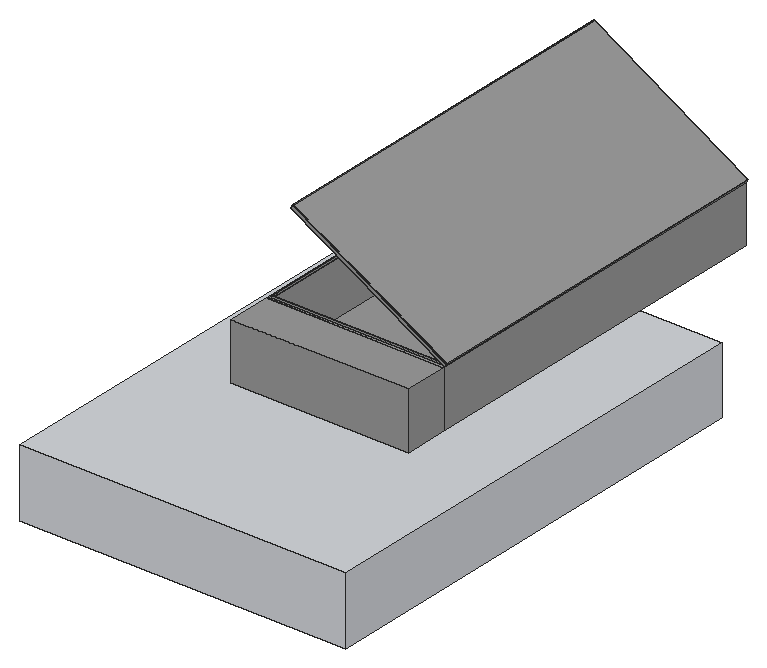
Revit family "Hager-Univers-IP55-D275-H1900-Cl.II-Steel_encl-DE-de", category Equipement électrique, Revit 2020
Family settings
  Hôte = Face
  Configuration du panneau = Deux colonnes, circuits au sein
  Cote de connecteur circulaire = Utiliser le diamètre
  Type d'élément = Tableau de raccordement
  Couper avec des vides une fois chargée = Non
  Partagée = Non
  Point de calcul de pièce = Non
Parameters (values of type "Bodenaufstellung IP55 B800 H1900 T275  - FR13S2")
  Width Control [instance] = if([EF000008 - Breite] > Min Width, [EF000008 - Breite], Min Width)  # 800 mm
  Commentaires du type = [HG000003 - Bereich]  # "Univers"
  Thickness Door [instance] = if([EF009171 - Materialstärke Tür/Deckel] > 3 mm, 3 mm, [EF009171 - Materialstärke Tür/Deckel])  # 1.5 mm
  Seal Frame Offset [instance] = 17 mm  # constant formula
  Plinth Visibility [instance] = [HG000027 - Sockelhöhe] > 0 mm  # yes
  Model = ""
  Min Width [instance] = 100 mm  # constant formula
  Min Height [instance] = 100 mm  # constant formula
  Min Depth [instance] = (2 * [EF009170 - Materialstärke Gehäuse]) + 1 mm  # 4 mm
  Internal Frame Depth [instance] = (Door System Depth * 0.5)  # 9 mm
  Height Control [instance] = if([EF000040 - Höhe] > Min Height, [EF000040 - Höhe], Min Height)  # 1900 mm
  HG000027 - Sockelhöhe = 200 mm
  HG000026 - Stehend auf dem Boden = yes
  HG000024 - Höhe des unteren Teils = 800 mm
  HG000023 - Gehäuse mit doppeltem Querschnitt = no
  HG000016 - 3D-Türsichtbarkeit [instance] = yes
  HG000015 - Sichtbarkeit der Türöffnung [instance] = no
  HG000014 - Tür rechts [instance] = yes
  HG000013 - Tür links [instance] = not([HG000014 - Tür rechts])  # no
  HG000012 - Türschwenkwinkel [instance] = 30.00°
  HG000010 - Asymmetrische Türen = no
  HG000009 - Doppelflügeligen Tür = no
  HG000006 - Unterputz = no
  HG000004 - Herstellerreferenz = "FR13S2"
  HG000003 - Bereich = "Univers"
  HG000002 - Mit tür = yes
  Frame Offset Bottom [instance] = 10 mm  # constant formula
  Frame Offset [instance] = 15 mm  # constant formula
  EF015940 - Deckel mit Überdruckentlastung = no
  EF011959 - Schutzart (NEMA) = ""
  EF009554 - Anzahl der Öffnungen für Flanschplatten = 6
  Fabricant = "Hager"  # constant formula
  EF009212 - Ausführung Deckel = "EV000116 - geschlossen"
  EF009171 - Materialstärke Tür/Deckel = 1.5 mm
  EF009170 - Materialstärke Gehäuse = 1.5 mm
  EF008873 - Nennstrom (In) = 800 A
  EF007800 - Geeignet für Blitzschutz = no
  EF006306 - Mit Schloss = no
  EF006244 - Transparenter Deckel/Tür = no
  EF005474 - Schutzart (IP) = "EV006420 - IP55"
  EF004464 - Art der Tür = "EV002646 - Einzel"
  EF004427 - Anzahl der Module = 396
  EF004293 - Schlagfestigkeit = "EV008784 - IK10"
  EF003532 - Geeignet für Außengebrauch = no
  EF002950 - Breite in Teilungseinheiten = 24
  EF001613 - Funktionserhalt = "EV000494 - ohne"
  EF001596 - Werkstoff des Gehäuses = "EV000179 - Stahl"
  EF001131 - Innentiefe = 275 mm
  EF001088 - Anbaumöglichkeit = yes
  EF000437 - Anzahl der Leitungseinführungen = 6
  EF000339 - Art der Abdeckung = "EV004216 - Tür"
  EF000266 - Anzahl der Reihen = 11
  EF000218 - Einbautiefe = 0 mm
  EF000118 - Mit Montageplatte = no
  EF000116 - RAL-Nummer = "7035"
  EF000049 - Tiefe = 275 mm
  EF000040 - Höhe = 1900 mm
  EF000008 - Breite = 800 mm
  EF000007 - Farbe = "EV000270 - grau"
  EF000003 - Montageart = "EV012274 - Bodenaufstellung"
  Door System Leaf Tolerance [instance] = 1.5 mm  # constant formula
  Door System Depth [instance] = 18 mm  # constant formula
  Door Height [instance] = Height Control - [HG000027 - Sockelhöhe]  # 1700 mm
  Depth Control [instance] = if([EF000049 - Tiefe] > Min Depth, [EF000049 - Tiefe], Min Depth)  # 275 mm
  Default Elevation = 0 mm
  Connector Offset [instance] = Height Control / 2  # 950 mm
  Bottom Top Plate Trim [instance] = 1.5 mm  # constant formula
  Plinth height Ctrl [instance] = if([HG000027 - Sockelhöhe] > 0 mm, [HG000027 - Sockelhöhe], 12 mm)  # 200 mm
Types (5, lengths in mm): name | Width Control | HG000010 - Asymmetrische Türen | HG000009 - Doppelflügeligen Tür | HG000004 - Herstellerreferenz | EF009554 - Anzahl der Öffnungen für Flanschplatten | EF004464 - Art der Tür | EF004427 - Anzahl der Module | EF000437 - Anzahl der Leitungseinführungen | EF000008 - Breite
  Bodenaufstellung IP55 B1050 H1900 T275  - FR14S2 | 1050 | yes | yes | "FR14S2" | 8 | "EV003602 - Doppel" | 528 | 8 | 1050
  Bodenaufstellung IP55 B1300 H1900 T275  - FR15S2 | 1300 | yes | yes | "FR15S2" | 10 | "EV003602 - Doppel" | 660 | 10 | 1300
  Bodenaufstellung IP55 B300 H1900 T275  - FR11S2 | 300 | no | no | "FR11S2" | 2 | "EV002646 - Einzel" | 132 | 2 | 300
  Bodenaufstellung IP55 B550 H1900 T275  - FR12S2 | 550 | no | no | "FR12S2" | 4 | "EV002646 - Einzel" | 264 | 4 | 550
  Bodenaufstellung IP55 B800 H1900 T275  - FR13S2 | 800 | no | no | "FR13S2" | 6 | "EV002646 - Einzel" | 396 | 6 | 800
Reference planes
  plane 1 "Center (Front/Back)": y = 0
  plane 2: z = 0
  plane 3 "Center (Left/Right)": x = 0
  plane 4: z = 275
  plane 5: y = 201.5
  plane 6: y = 1050
  plane 7: y = 200
  plane 8: y = 1900
  plane 9: z = 0
  plane 10: x = -385
  plane 11: x = 385
  plane 12: x = 383.5
  plane 13: x = -383.5
  plane 14: y = 1898.5
  plane 15: x = -383
  plane 16: x = -400
  plane 17: x = 383
  plane 18: x = 400
  plane 19: x = 398.5
  plane 20: x = -398.5
  plane 21: y = 211.5
  plane 22: y = 1900
  plane 23: y = 1883.5
  plane 24: z = 257
  plane 25: z = 1.5
  plane 26: z = 255.5
  plane 27: z = 273.5
Forms (mm)
  Extrusion 1, solid
    sketch origin (0, 0, 0) x (1, 0, 0) y (0, 1, 0)
      loop
        line (-702.964, 1305) -> (-702.964, -811.445) -> (766.763, -811.445) -> (766.763, 1305) -> (-702.964, 1305)
    from 0 to -304.8
  Extrusion 2, solid, material "Hager_Steel_RAL7035_Light_Grey", visible <- "Plinth Visibility", detail levels medium+fine
    sketch origin (0, 0, 0) x (1, 0, 0) y (0, 1, 0)
      loop
        line (-400, 0) -> (400, 0) -> (400, 200) -> (-400, 200) -> (-400, 0)
    from 0 to 257
  Extrusion 3, solid, material "Hager_Steel_RAL7035_Light_Grey", detail levels medium+fine
    sketch origin (0, 0, 0) x (1, 0, 0) y (0, 1, 0)
      loop
        line (-400, 200) -> (400, 200) -> (400, 1900) -> (-400, 1900) -> (-400, 200)
    from 0 to 257
  Extrusion 4, void
    sketch origin (0, 0, 0) x (1, 0, 0) y (0, 1, 0)
      loop
        line (-398.5, 201.5) -> (398.5, 201.5) -> (398.5, 1898.5) -> (-398.5, 1898.5) -> (-398.5, 201.5)
    from 1.5 to 255.5
  Extrusion 5, void
    sketch origin (-381.607, -4572, 257) x (0, -1, 0) y (-1, 0, 0)
      loop
        line (-4783.5, 1.893) -> (-6455.5, 1.893) -> (-6455.5, -765.107) -> (-4783.5, -765.107) -> (-4783.5, 1.893)
    from 0 to 1.5 <- "EF009170 - Materialstärke Gehäuse"
  Extrusion 6, solid, material "Hager_Steel_RAL7035_Light_Grey", detail levels fine
    sketch origin (0, 0, 257) x (1, 0, 0) y (0, 1, 0)
      loop
        line (-383.5, 1883.5) -> (-383.5, 211.5) -> (383.5, 211.5) -> (383.5, 1883.5) -> (-383.5, 1883.5)
      loop
        line (-385, 210) -> (385, 210) -> (385, 1885) -> (-385, 1885) -> (-385, 210)
    from 0 to 9 <- "Internal Frame Depth"
  Extrusion 7, solid, material "Hager_Steel_RAL7035_Light_Grey", detail levels coarse
    sketch origin (0, 0, 0) x (1, 0, 0) y (0, 1, 0)
      loop
        line (-400, 0) -> (400, 0) -> (400, 1900) -> (-400, 1900) -> (-400, 0)
    from 0 to 275
  Sweep 8, void
    path in 3D
      loop
        line (-400, 200, 0) -> (400, 200, 0) -> (400, 200, 257) -> (-400, 200, 257) -> (-400, 200, 0)
    profile origin (-400, 200, 128.5) x (-1, 0, 0) y (0, -1, 0)
      loop
        line (0, 0) -> (0, 1.5) -> (-1.5, 1.5)
        arc (-1.5, 1.5) -> (-1.061, 0.439) -> (0, 0) r 1.5
Cuts and joins
  Extrusion 4, Extrusion 5 cuts Extrusion 3
  Sweep 8 cuts Extrusion 2
Lines and regions (mm)
  Masking region 1
    outline origin (0, 0, 0) x (1, 0, 0) y (0, 0, 1)
      loop
        line (-400, 275) -> (-400, 0) -> (400, 0) -> (400, 275) -> (-400, 275)
  Masking region 2, detail levels medium+fine
    outline origin (0, 140, 0) x (0, 1, 0) y (0, 0, 1)
      loop
        line (60, 0) -> (1760, 0) -> (1760, 257) -> (60, 257) -> (60, 0)
  Masking region 3, not visible, detail levels medium+fine
    outline origin (0, 297.922, 0) x (0, 1, 0) y (0, 0, 1)
      loop
        line (763.578, 0) -> (803.578, 0) -> (803.578, 263.5)
        arc (803.578, 263.5) -> (800.649, 270.571) -> (793.578, 273.5) r 10
        line (793.578, 273.5) -> (763.578, 273.5) -> (763.578, 0)
  Masking region 4, detail levels coarse
    outline origin (0, 0, 180) x (0, 1, 0) y (0, 0, 1)
      loop
        line (0, -180) -> (1900, -180) -> (1900, 95) -> (0, 95) -> (0, -180)
  Masking region 5, visible <- "Plinth Visibility", detail levels medium+fine
    outline origin (0, 52.24, 12.345) x (0, 0, -1) y (0, 1, 0)
      loop
        line (10.845, 147.76) -> (-243.155, 147.76)
        arc (-243.155, 147.76) -> (-243.594, 146.699) -> (-244.655, 146.26) r 1.5
        line (-244.655, 146.26) -> (-244.655, -52.24) -> (12.345, -52.24) -> (12.345, 146.26)
        arc (12.345, 146.26) -> (11.285, 146.699) -> (10.845, 147.76) r 1.5
  Masking region 6, detail levels medium+fine
    outline origin (-381.607, -4572, 257) x (-1, 0, 0) y (0, -1, 0)
      loop
        line (18.393, -6472) -> (18.393, -4772) -> (-781.607, -4772) -> (-781.607, -6472) -> (18.393, -6472)
  Masking region 7, visible <- "Plinth Visibility", detail levels medium+fine
    outline origin (-381.607, -4727, 257) x (-1, 0, 0) y (0, -1, 0)
      loop
        arc (16.893, -4927) -> (17.332, -4925.939) -> (18.393, -4925.5) r 1.5
        line (18.393, -4925.5) -> (18.393, -4727) -> (-781.607, -4727) -> (-781.607, -4925.5)
        arc (-781.607, -4925.5) -> (-780.546, -4925.939) -> (-780.107, -4927) r 1.5
        line (-780.107, -4927) -> (16.893, -4927)
  Masking region 8, detail levels coarse
    outline origin (-442.548, -4669.526, 257) x (-1, 0, 0) y (0, -1, 0)
      loop
        line (-42.548, -6569.526) -> (-42.548, -4669.526) -> (-842.548, -4669.526) -> (-842.548, -6569.526) -> (-42.548, -6569.526)
  sketch lines
    curve 1: line (-400, 200, 257) -> (-400, 200, 0)
    curve 2: line (400, 200, 257) -> (-400, 200, 257)
    curve 3: line (400, 200, 257) -> (400, 200, 0)
    curve 4: line (-400, 200, 0) -> (400, 200, 0)
Dimensions and locks
  "Depth Control": plane 4 to Extrusion 1
  "HG000027 - Sockelhöhe": plane 1 "Center (Front/Back)" to plane 7
  "EF009170 - Materialstärke Gehäuse": plane 5 to plane 7
  locked: connector elem to plane 3 "Center (Left/Right)"
  equal spacing: plane 8, plane 6, plane 7
  locked: connector elem to plane 6
  "EF009170 - Materialstärke Gehäuse": plane 8 to plane 14
  "EF009170 - Materialstärke Gehäuse": plane 10 to plane 13
  "EF009170 - Materialstärke Gehäuse": plane 12 to plane 11
  "Frame Offset": plane 20 to plane 13
  "Frame Offset": plane 12 to plane 19
  "EF009170 - Materialstärke Gehäuse": plane 16 to plane 20
  "EF009170 - Materialstärke Gehäuse": plane 19 to plane 18
  "Seal Frame Offset": plane 16 to plane 15
  "Seal Frame Offset": plane 17 to plane 18
  "Frame Offset Bottom": plane 21 to plane 5
  "Frame Offset": plane 14 to plane 23
  equal spacing: plane 16, plane 3 "Center (Left/Right)", plane 18
  "Width Control": plane 16 to plane 18
  "EF009170 - Materialstärke Gehäuse": plane 4 to plane 27
  "EF009170 - Materialstärke Gehäuse": plane 24 to plane 26
  "EF009170 - Materialstärke Gehäuse": plane 25 to level
  "Door System Depth": plane 4 to plane 24
  "Height Control": plane 1 "Center (Front/Back)" to Extrusion 7 sketch curve
  "Height Control": Masking region 4 sketch curve to plane 1 "Center (Front/Back)"
  "Height Control": plane 1 "Center (Front/Back)" to plane 22
  "Bottom Top Plate Trim": profile plane to Sweep 8 sketch curve
  "Bottom Top Plate Trim": Sweep 8 sketch curve to profile plane
  "Plinth height Ctrl": plane 1 "Center (Front/Back)" to Extrusion 2 sketch curve
  "Plinth height Ctrl": Masking region 5 sketch curve to plane 1 "Center (Front/Back)"
  "Plinth height Ctrl": plane 1 "Center (Front/Back)" to Masking region 7 sketch curve
  "Thickness Door": Extrusion 6 sketch curve to Extrusion 6 sketch curve  (x3)
  "Thickness Door": cut or joined group of Extrusion 3, Extrusion 4, Extrusion 5 to Extrusion 6 sketch curve
  radius of Masking region 3 sketch curve = 10 mm
  "Bottom Top Plate Trim": radius of Masking region 5 sketch curve  (x2)
  "Bottom Top Plate Trim": radius of Sweep 8 sketch curve
  "Bottom Top Plate Trim": radius of Masking region 7 sketch curve  (x2)
  aligned and locked: plane 2 to Extrusion 1
  aligned and locked: level to Extrusion 1
  aligned and locked: level to Masking region 1 sketch curve
  aligned and locked: Masking region 1 sketch curve to plane 18
  aligned and locked: Masking region 1 sketch curve to plane 16
  aligned and locked: plane 7 to Masking region 2 sketch curve
  aligned and locked: level to Masking region 3 sketch curve
  aligned and locked: Masking region 3 sketch curve to plane 27
  aligned and locked: level to Masking region 2 sketch curve
  aligned and locked: plane 1 "Center (Front/Back)" to Extrusion 2 sketch curve
  aligned and locked: Extrusion 3 sketch curve to plane 7
  aligned and locked: plane 16 to Extrusion 3 sketch curve
  aligned and locked: plane 18 to Extrusion 3 sketch curve
  aligned and locked: plane 20 to Extrusion 4 sketch curve
  aligned and locked: plane 19 to Extrusion 4 sketch curve
  aligned and locked: Extrusion 4 sketch curve to plane 5
  aligned and locked: Extrusion 4 to plane 25
  aligned and locked: plane 26 to Extrusion 4
  aligned and locked: plane 24 to Extrusion 3
  aligned and locked: Extrusion 5 sketch curve to plane 21
  aligned and locked: Extrusion 5 sketch curve to plane 13
  aligned and locked: Extrusion 5 sketch curve to plane 12
  aligned and locked: plane 18 to Extrusion 7 sketch curve
  aligned and locked: plane 1 "Center (Front/Back)" to Extrusion 7 sketch curve
  aligned and locked: plane 16 to Extrusion 7 sketch curve
  aligned and locked: plane 4 to Extrusion 7
  aligned and locked: Extrusion 7 to level
  aligned and locked: level to Masking region 4 sketch curve
  aligned and locked: Masking region 4 sketch curve to plane 1 "Center (Front/Back)"
  aligned and locked: Masking region 4 sketch curve to plane 4
  aligned and locked: nested 1 to level
  aligned and locked: nested 1 to plane 16
  aligned and locked: plane 8 to Extrusion 3 sketch curve
  aligned and locked: plane 23 to Extrusion 5 sketch curve
  aligned and locked: plane 14 to Extrusion 4 sketch curve
  aligned and locked: Masking region 2 sketch curve to plane 8
  aligned and locked: level to Masking region 5 sketch curve
  aligned and locked: plane 16 to Extrusion 2 sketch curve
  aligned and locked: plane 18 to Extrusion 2 sketch curve
  aligned and locked: Masking region 5 sketch curve to plane 24
  aligned and locked: Masking region 2 sketch curve to plane 24
  aligned and locked: plane 24 to Extrusion 2
  aligned and locked: profile plane to Sweep 8 sketch curve  (x2)
  aligned and locked: Masking region 6 sketch curve to plane 18
  aligned and locked: Masking region 6 sketch curve to plane 22
  aligned and locked: Masking region 6 sketch curve to plane 16
  aligned and locked: plane 8 to plane 22
  aligned and locked: Masking region 6 sketch curve to plane 7
  aligned and locked: Masking region 7 sketch curve to plane 16
  aligned and locked: Masking region 7 sketch curve to plane 1 "Center (Front/Back)"
  aligned and locked: Masking region 7 sketch curve to plane 18
  aligned and locked: Masking region 8 sketch curve to plane 1 "Center (Front/Back)"
  aligned and locked: Masking region 8 sketch curve to plane 18
  aligned and locked: Masking region 8 sketch curve to plane 22
  aligned and locked: Masking region 8 sketch curve to plane 16
  aligned and locked: nested 2 to plane 7
  aligned and locked: plane 3 "Center (Left/Right)" to nested 2
  aligned and locked: nested 2 to plane 24
  aligned and locked: Extrusion 6 sketch curve to cut or joined group of Extrusion 3, Extrusion 4, Extrusion 5  (x4)
Automatic sketch dimensions
  Extrusion 1 sketch curve to Extrusion 1 sketch curve = 1469.727 mm
  Extrusion 1 sketch curve to Extrusion 1 sketch curve = 2116.445 mm
  Masking region 1 sketch curve to plane 4 = 0 mm
  plane 6 to Masking region 3 sketch curve = 11.5 mm
  Masking region 3 sketch curve to Masking region 3 sketch curve = 30 mm
  Masking region 5 sketch curve to plane 1 "Center (Front/Back)" = 0 mm
Nested families
  nested 1: "Hager_Enclosure_Symbol" at (-400, 0, 0) x (1, 0, 0) z (0, -1, 0), Height <- "Depth Control", Width <- "Width Control", type "Hager_Enclosure_Symbol"
    with Width_Ctrl 800 mm, Width 800 mm, Height_Ctrl 275 mm, Height 275 mm, A_Width_Int 18.047 mm, A_Width 216.562 mm, A_Height_Ctrl 240.625 mm, A_Height 240.625 mm
  nested 2: "EC000058_Univers_Door" at (0, 200, 257) x (1, 0, 0) z (0, 1, 0), Leaf_Tolerance <- "Door System Leaf Tolerance", Angle <- "HG000012 - Türschwenkwinkel", Door_Depth <- "Door System Depth", Door_Left <- "HG000013 - Tür links", Transparent <- "EF006244 - Transparenter Deckel/Tür", Assymetrical <- "HG000010 - Asymmetrische Türen", Width <- "Width Control", Clearance <- "HG000015 - Sichtbarkeit der Türöffnung", Double <- "HG000009 - Doppelflügeligen Tür", 3d_Door <- "HG000016 - 3D-Türsichtbarkeit", Lock_Visibility <- "EF006306 - Mit Schloss", Width_Ctrl <- "Width Control", Door_Right <- "HG000014 - Tür rechts", Door <- "HG000002 - Mit tür", Height <- "Door Height", Thickness <- "Thickness Door", type "EC000058_Univers_Door", detail levels medium+fine
    with min_wh 4 mm, Width_Ctrl 800 mm, Width 800 mm, Transparent no, Thickness 1.5 mm, Seal_Material Hager_Rubber, Lock_Visibility no, Lock_Material Hager_Plastic_RAL9005_Jet_Black, Leaf_Width 800 mm, Leaf_Tolerance_External_Sides 0 mm, Leaf_Tolerance 1.5 mm, Leaf_Offset 0 mm, Leaf_Height 1697 mm, Leaf_2_Width 800 mm, Leaf_2_Offset 400 mm, Leaf_1_Width 800 mm, Leaf_1_Offset 400 mm, Height_Ctrl 1700 mm, Height 1700 mm, Glass_Material Hager_Glass, Double_Clearance_Ctrl no, Double no, Door_Right_Ctrl yes, Door_Right yes, Door_Material Hager_Steel_RAL7035_Light_Grey, Door_Left_Ctrl no, Door_Left no, Door_Depth 18 mm, Door yes, Clearance_Material Hager_Clearance, Clearance_Depth 800 mm, Clearance_Ctrl no, Clearance no, Assymetrical no, Angle 30.00°, 3d_Door yes
Connectors
  electrical at (0, 1050, 0)
    settings: on plane 9, index 1, voltage 0 V, apparent load 0 VA, apparent load phase1 0 VA, apparent load phase2 0 VA, apparent load phase3 0 VA, power factor 1, load classification "Other", number of poles 1, system type 30, power factor state 1, is connector primary yes, connector utility no, sub classification motor no, connector description ""
Definition of nested family "EC000058_Univers_Door"
  Parameters (values of type "EC000058_Univers_Door")
    min_wh [instance] = (2 * Thickness) + 1 mm  # 11 mm
    Width_Ctrl [instance] = 400 mm
    Width [instance] = 500 mm
    Transparent [instance] = yes
    Thickness [instance] = 5 mm
    Seal_Material [instance] = none
    Lock_Visibility [instance] = yes
    Lock_Material [instance] = none
    Leaf_Width [instance] = if((Width_Ctrl - 2 * Leaf_Tolerance_External_Sides) > 0 mm, (Width_Ctrl - 2 * Leaf_Tolerance_External_Sides), min_wh)  # 400 mm
    Leaf_Tolerance_External_Sides [instance] = 0 mm  # constant formula
    Leaf_Tolerance [instance] = 1.5 mm
    Leaf_Offset [instance] = 0 mm  # constant formula
    Leaf_Height [instance] = if((Height_Ctrl - 2 * Leaf_Tolerance) > 0 mm, (Height_Ctrl - 2 * Leaf_Tolerance), min_wh)  # 497 mm
    Leaf_2_Width [instance] = if(and(and(Double, Assymetrical), Door_Left), (Leaf_Width / 3) - (Leaf_Tolerance / 2), if(and(and(Double, Assymetrical), Door_Right), (Leaf_Width / 3) * 2 - (Leaf_Tolerance / 2), if(and(Double, not(Assymetrical)), (Leaf_Width / 2) - Leaf_Tolerance, Leaf_Width)))  # 400 mm
    Leaf_2_Offset [instance] = if(and(Double, Assymetrical), Leaf_2_Width / 2, if(and(Double, not(Assymetrical)), Leaf_Width / 4, Leaf_Width / 2))  # 200 mm
    Leaf_1_Width [instance] = if(and(and(Double, Assymetrical), Door_Right), (Leaf_Width / 3) - (Leaf_Tolerance / 2), if(and(and(Double, Assymetrical), Door_Left), (Width / 3) * 2 - (Leaf_Tolerance / 2), if(and(Double, not(Assymetrical)), (Leaf_Width / 2) - Leaf_Tolerance, Leaf_Width)))  # 400 mm
    Leaf_1_Offset [instance] = if(and(Double, Assymetrical), Leaf_1_Width / 2, if(and(Double, not(Assymetrical)), Leaf_Width / 4, Leaf_Width / 2))  # 200 mm
    Height_Ctrl [instance] = if(Height > min_wh, Height, min_wh)  # 500 mm
    Height [instance] = 500 mm
    Glass_Material [instance] = none
    Double_Clearance_Ctrl [instance] = and(Double, Clearance)  # no
    Double [instance] = no
    Door_Right_Ctrl [instance] = and(or(Door_Right, Double), Door)  # yes
    Door_Right [instance] = yes
    Door_Material [instance] = none
    Door_Left_Ctrl [instance] = and(or(Door_Left, Double), Door)  # no
    Door_Left [instance] = no
    Door_Depth [instance] = 30 mm
    Door [instance] = yes
    Default Elevation = 1219.2 mm
    Clearance_Material [instance] = none
    Clearance_Depth [instance] = if(Leaf_1_Width > Leaf_2_Width, Leaf_1_Width, Leaf_2_Width)  # 400 mm
    Clearance_Ctrl [instance] = and(not(Double), Clearance)  # yes
    Clearance [instance] = yes
    Assymetrical [instance] = yes
    Angle [instance] = 30.00°
    3d_Door [instance] = yes
  Reference planes
    plane 1 "Center (Front/Back)": y = 0
    plane 2 "Bottom": z = 0
    plane 3 "Center (Left/Right)": x = 0
    plane 4: z = 500
    plane 5: x = -200
    plane 6: x = 200
    plane 7: z = 500
    plane 8: x = -200
    plane 9: z = 0
    plane 10: x = 200
    plane 11: y = 0
    plane 12: z = 1.5
    plane 13: x = -600
    plane 14: y = -400
    plane 15: x = 600
    plane 16: x = 0
    plane 17: x = 0
    plane 18: x = -200
    plane 19: x = 200
    plane 20: z = 498.5
  Forms (mm)
    Extrusion 1, solid, material <- "Clearance_Material", visible <- "Double_Clearance_Ctrl"
      sketch origin (1200, 0, 0) x (1, 0, 0) y (0, 0, -1)
        loop
          line (-1800, -498.5) -> (-600, -498.5) -> (-600, 0) -> (-1800, 0) -> (-1800, -498.5)
      from 0 to -400
  Dimensions and locks
    equal spacing: plane 5, plane 3 "Center (Left/Right)", plane 6
    "Width_Ctrl": plane 5 to plane 6
    "Leaf_Offset": plane 5 to plane 8
    "Leaf_Offset": plane 6 to plane 10
    "Leaf_Offset": plane 9 to level
    "Leaf_Offset": plane 4 to plane 7
    "Height_Ctrl": plane 4 to level
    "Leaf_Tolerance": plane 12 to plane 9
    locked: plane 11 to plane 1 "Center (Front/Back)"
    "Leaf_1_Offset": plane 18 to plane 16
    "Leaf_2_Offset": plane 17 to plane 19
    "Leaf_1_Width": plane 13 to plane 8
    "Leaf_2_Width": plane 10 to plane 15
    "Clearance_Depth": plane 14 to plane 1 "Center (Front/Back)"
    "Leaf_Tolerance_External_Sides": plane 8 to plane 18
    "Leaf_Tolerance_External_Sides": plane 19 to plane 10
    "Leaf_Tolerance": plane 7 to plane 20
    aligned and locked: level to plane 2 "Bottom"
    aligned and locked: nested 1 to plane 16
    aligned and locked: nested 2 to plane 17
    aligned and locked: Extrusion 1 to plane 13
    aligned and locked: plane 15 to Extrusion 1
    aligned and locked: Extrusion 1 to plane 14
    aligned and locked: plane 12 to nested 1
    aligned and locked: nested 2 to plane 12
    aligned and locked: Extrusion 1 to plane 11
    aligned and locked: plane 20 to Extrusion 1
    aligned and locked: nested 2 to plane 11
    aligned and locked: nested 1 to plane 11
  Automatic sketch dimensions
    Extrusion 1 sketch curve to level = 0 mm
    plane 5 to Extrusion 1 sketch curve = 400 mm
    plane 6 to Extrusion 1 sketch curve = 400 mm
    Extrusion 1 sketch curve to plane 4 = 1.5 mm
  Nested families
    nested 1: "EC000058_Univers_Door_Leaf" at (0, 0, 1.5), Width <- "Leaf_1_Width", visible <- "Door_Left_Ctrl", Leaf_Height <- "Leaf_Height", Angle <- "Angle", 3d_Door <- "3d_Door", Transparent <- "Transparent", Clearance Material <- "Clearance_Material", Clearance <- "Clearance_Ctrl", Door_Material <- "Door_Material", Glass_Material <- "Glass_Material", Door_Depth <- "Door_Depth", Lock_Material <- "Lock_Material", Seal_Material <- "Seal_Material", Lock_Visibility <- "Lock_Visibility", Thickness <- "Thickness", type "EC000058_Univers_Door_Leaf"
      with Width 400 mm, Transparent_Glass_Offset 30 mm, Transparent_Ctrl yes, Transparent yes, Thickness 5 mm, Standard no, Seal_Material none, Seal_D2 8 mm, Seal_D1 1 mm, Offset_Internal_Frame 10 mm, Lock_Width 20 mm, Lock_Visibility_3d yes, Lock_Visibility yes, Lock_Thickness_3 3 mm, Lock_Thickness_2 1 mm, Lock_Thickness_1 3 mm, Lock_Radius_Offset_2 16 mm, Lock_Radius_Offset_1 15 mm, Lock_Radius_2 5 mm, Lock_Radius 6 mm, Lock_Offset 5 mm, Lock_Material none, Lock_Height 80 mm, Lock_Cover_Top_Offset_2d 17 mm, Lock_Cover_Height -65 mm, Leaf_Height 497 mm, Internal_Seal_Thickness 8 mm, Internal_Seal_Depth_2 4.5 mm, Internal_Frame_Depth 25 mm, Glass_Thickness -1 mm, Glass_Offset -2 mm, Glass_Material none, Door_Material none, Door_Depth 30 mm, Clearance Material none, Clearance yes, Angle_Ctrl 30.00°, Angle 30.00°, 3d_Door yes
    nested 2: "EC000058_Univers_Door_Leaf" at (0, 0, 1.5) x (-1, 0, 0) z (0, 0, 1), Width <- "Leaf_2_Width", visible <- "Door_Right_Ctrl", Leaf_Height <- "Leaf_Height", Angle <- "Angle", 3d_Door <- "3d_Door", Transparent <- "Transparent", Clearance Material <- "Clearance_Material", Clearance <- "Clearance_Ctrl", Door_Material <- "Door_Material", Glass_Material <- "Glass_Material", Door_Depth <- "Door_Depth", Lock_Material <- "Lock_Material", Seal_Material <- "Seal_Material", Lock_Visibility <- "Lock_Visibility", Thickness <- "Thickness", type "EC000058_Univers_Door_Leaf"
      with Width 400 mm, Transparent_Glass_Offset 30 mm, Transparent_Ctrl yes, Transparent yes, Thickness 5 mm, Standard no, Seal_Material none, Seal_D2 8 mm, Seal_D1 1 mm, Offset_Internal_Frame 10 mm, Lock_Width 20 mm, Lock_Visibility_3d yes, Lock_Visibility yes, Lock_Thickness_3 3 mm, Lock_Thickness_2 1 mm, Lock_Thickness_1 3 mm, Lock_Radius_Offset_2 16 mm, Lock_Radius_Offset_1 15 mm, Lock_Radius_2 5 mm, Lock_Radius 6 mm, Lock_Offset 5 mm, Lock_Material none, Lock_Height 80 mm, Lock_Cover_Top_Offset_2d 17 mm, Lock_Cover_Height -65 mm, Leaf_Height 497 mm, Internal_Seal_Thickness 8 mm, Internal_Seal_Depth_2 4.5 mm, Internal_Frame_Depth 25 mm, Glass_Thickness -1 mm, Glass_Offset -2 mm, Glass_Material none, Door_Material none, Door_Depth 30 mm, Clearance Material none, Clearance yes, Angle_Ctrl 30.00°, Angle 30.00°, 3d_Door yes
  Definition of nested family "EC000058_Univers_Door_Leaf"
    Parameters (values of type "EC000058_Univers_Door_Leaf")
      Width [instance] = 2000 mm
      Transparent_Glass_Offset [instance] = 30 mm
      Transparent_Ctrl [instance] = and(Transparent, [3d_Door])  # yes
      Transparent [instance] = yes
      Thickness [instance] = 5 mm
      Standard [instance] = and(not(Transparent), [3d_Door])  # no
      Seal_Material [instance] = none
      Seal_D2 [instance] = 8 mm  # constant formula
      Seal_D1 [instance] = 1 mm  # constant formula
      Offset_Internal_Frame [instance] = 10 mm  # constant formula
      Lock_Width [instance] = 20 mm  # constant formula
      Lock_Visibility_3d [instance] = and(Lock_Visibility, [3d_Door])  # yes
      Lock_Visibility [instance] = yes
      Lock_Thickness_3 [instance] = 3 mm  # constant formula
      Lock_Thickness_2 [instance] = 1 mm  # constant formula
      Lock_Thickness_1 [instance] = 3 mm  # constant formula
      Lock_Radius_Offset_2 [instance] = Lock_Radius_Offset_1 + 1 mm  # 16 mm
      Lock_Radius_Offset_1 [instance] = 15 mm  # constant formula
      Lock_Radius_2 [instance] = Lock_Radius - 1 mm  # 5 mm
      Lock_Radius [instance] = 6 mm  # constant formula
      Lock_Offset [instance] = 5 mm  # constant formula
      Lock_Material [instance] = none
      Lock_Height [instance] = 80 mm  # constant formula
      Lock_Cover_Top_Offset_2d [instance] = Lock_Radius_Offset_2 + 1 mm  # 17 mm
      Lock_Cover_Height [instance] = -(Lock_Height - Lock_Radius_Offset_1)  # -65 mm
      Leaf_Height [instance] = 2720.336 mm
      Internal_Seal_Thickness [instance] = 8 mm  # constant formula
      Internal_Seal_Depth_2 [instance] = 4.5 mm  # constant formula
      Internal_Frame_Depth [instance] = if(Door_Depth - Thickness > 5 mm, Door_Depth - Thickness, 5 mm)  # 25 mm
      Glass_Thickness [instance] = if(Thickness > 15 mm, Glass_Offset + 10 mm, -1 mm)  # -1 mm
      Glass_Offset [instance] = if(Thickness > 15 mm, -(Thickness + 10 mm) / 2, -2 mm)  # -2 mm
      Glass_Material [instance] = none
      Door_Material [instance] = none
      Door_Depth [instance] = 30 mm
      Default Elevation = 0 mm
      Clearance Material [instance] = none
      Clearance [instance] = yes
      Angle_Ctrl [instance] = if(Angle > 180.00°, 180.00°, Angle)  # 90.00°
      Angle [instance] = 90.00°
      3d_Door [instance] = yes
    Reference planes
      plane 1 "Center (Front/Back)": y = 0
      plane 2: z = 0
      plane 3 "Center (Left/Right)": x = 0
      plane 4: y = 2000
      plane 5: x = -1000
      plane 6: x = 1000
      plane 7: x = -3000
      plane 8: z = 2720.336
      plane 9: z = 30
      plane 10: z = 2690.336
      plane 11: x = 970
      plane 12: x = -970
      plane 13: y = -3
      plane 14: z = 107.833
      plane 15: y = -5
      plane 16: y = -223.314
      plane 17: x = -1000
      plane 18: z = 1360.168
      plane 19: y = 30
    Forms (mm)
      Extrusion 1, solid, material <- "Clearance Material", visible <- "Clearance"
        sketch origin (0, 0, 0) x (1, 0, 0) y (0, 0, 1)
          loop
            line (-3000, 2720.336) -> (-3000, 0) -> (1000, 0) -> (1000, 2720.336) -> (-3000, 2720.336)
        from 0 to -2000
      Extrusion 2, solid, material <- "Door_Material", visible <- "Standard", detail levels medium+fine
        sketch origin (-1000, 0, 0) x (0, 1, 0) y (-1, 0, 0)
          loop
            line (0, 30) -> (0, 25) -> (2000, 25) -> (2000, 30) -> (0, 30)
        from 0 to 2720.336 <- "Leaf_Height"
      Extrusion 3, solid, material <- "Door_Material", visible <- "Transparent_Ctrl", detail levels medium+fine
        sketch origin (-1000, 0, 0) x (0, 1, 0) y (-1, 0, 0)
          loop
            line (0, 25) -> (2000, 25) -> (2000, 30) -> (0, 30) -> (0, 25)
        from 0 to 2720.336 <- "Leaf_Height"
      Extrusion 4, void
        sketch origin (-1025, 2000, 0) x (0, 1, 0) y (0, 0, -1)
          loop
            line (-30, -2690.336) -> (-30, -30) -> (-1970, -30) -> (-1970, -2690.336) -> (-30, -2690.336)
        from 0 to 5 <- "Thickness"
      Sweep 5, solid, material <- "Seal_Material", visible <- "Transparent_Ctrl", detail levels fine
        path in 3D
          loop
            line (-1025, 30, 30) -> (-1025, 30, 2690.336) -> (-1025, 1970, 2690.336) -> (-1025, 1970, 30) -> (-1025, 30, 30)
        profile origin (-1025, 1000, 30) x (1, 0, 0) y (0, 0, 1)
          loop
            line (0, 0) -> (0, -8) -> (1, -8) -> (1, 0) -> (0, 0)
      Extrusion 6, solid, material <- "Glass_Material", visible <- "Transparent_Ctrl", detail levels medium+fine
        sketch origin (-1030, 0, 0) x (0, 1, 0) y (0, 0, -1)
          loop
            line (1970, -2690.336) -> (1970, -30) -> (30, -30) -> (30, -2690.336) -> (1970, -2690.336)
        from -2 <- "Glass_Offset" to -1 <- "Glass_Thickness"
      Extrusion 7, solid, material <- "Door_Material", visible <- "3d_Door", detail levels medium+fine
        sketch origin (-1025, 2000, 0) x (0, -1, 0) y (0, 0, -1)
          loop
            line (0, -2720.336) -> (2000, -2720.336) -> (2000, 0) -> (0, 0) -> (0, -2720.336)
          loop
            line (1995, -5) -> (5, -5) -> (5, -2715.336) -> (1995, -2715.336) -> (1995, -5)
        from 0 to 25 <- "Internal_Frame_Depth"
      Sweep 8, solid, material <- "Seal_Material", visible <- "Transparent_Ctrl", detail levels fine
        path in 3D
          loop
            line (-1025, 0, 0) -> (-1025, 2000, 0) -> (-1025, 2000, 2720.336) -> (-1025, 0, 2720.336) -> (-1025, 0, 0)
        profile origin (-1025, 0, 1360.168) x (1, 0, 0) y (0, 1, 0)
          loop
            line (0, 10) -> (2.975, 10)
            arc (2.975, 10) -> (4.053, 10.447) -> (4.5, 11.525) r 1.525
            line (4.5, 11.525) -> (4.5, 16.527)
            arc (4.5, 16.527) -> (4.069, 17.569) -> (3.027, 18) r 1.473
            line (3.027, 18) -> (0, 18) -> (0, 10)
      Extrusion 9, solid, material <- "Lock_Material", visible <- "Lock_Visibility_3d", detail levels fine
        sketch origin (-1030, 0, 0) x (0, 1, 0) y (0, 0, -1)
          loop
            arc (1993.5, -1400.168) -> (1994.561, -1399.729) -> (1995, -1398.668) r 1.5
            line (1995, -1398.668) -> (1995, -1320.168) -> (1975, -1320.168) -> (1975, -1398.668)
            arc (1975, -1398.668) -> (1975.439, -1399.729) -> (1976.5, -1400.168) r 1.5
            line (1976.5, -1400.168) -> (1993.5, -1400.168)
        from 3 <- "Lock_Thickness_1" to 0
      Blend 10, solid, material <- "Lock_Material", visible <- "Lock_Visibility_3d", detail levels fine
        base sketch origin (-1033, 0, 0) x (0, 1, 0) y (0, 0, -1)
          loop
            line (1975, -1320.168) -> (1975, -1398.668)
            arc (1975, -1398.668) -> (1975.439, -1399.729) -> (1976.5, -1400.168) r 1.5
            line (1976.5, -1400.168) -> (1993.5, -1400.168)
            arc (1993.5, -1400.168) -> (1994.561, -1399.729) -> (1995, -1398.668) r 1.5
            line (1995, -1398.668) -> (1995, -1320.168) -> (1975, -1320.168)
        top sketch origin (-1033, 0, 0) x (0, 1, 0) y (0, 0, -1)
          loop
            line (1976, -1320.168) -> (1976, -1398.668)
            arc (1976, -1398.668) -> (1976.146, -1399.022) -> (1976.5, -1399.168) r 0.5
            line (1976.5, -1399.168) -> (1993.5, -1399.168)
            arc (1993.5, -1399.168) -> (1993.854, -1399.022) -> (1994, -1398.668) r 0.5
            line (1994, -1398.668) -> (1994, -1320.168) -> (1976, -1320.168)
        from 0 to 1 <- "Lock_Thickness_2"
      Blend 11, solid, material <- "Lock_Material", visible <- "Lock_Visibility_3d", detail levels fine
        base sketch origin (-1034, 0, 0) x (0, 1, 0) y (0, 0, -1)
          loop
            line (1978, -1320.168) -> (1978, -1384.168)
            arc (1978, -1384.168) -> (1985, -1391.168) -> (1992, -1384.168) r 7
            line (1992, -1384.168) -> (1992, -1320.168) -> (1978, -1320.168)
        top sketch origin (-1034, 0, 0) x (0, 1, 0) y (0, 0, -1)
          loop
            line (1991, -1320.168) -> (1979, -1320.168) -> (1979, -1383.168)
            arc (1979, -1383.168) -> (1985, -1389.168) -> (1991, -1383.168) r 6
            line (1991, -1383.168) -> (1991, -1320.168)
        from 0 to 3 <- "Lock_Thickness_3"
      Extrusion 12, solid, material <- "Lock_Material", visible <- "Lock_Visibility_3d", detail levels fine
        sketch origin (-1030, 1975, 1320.168) x (1, 0, 0) y (0, -1, 0)
          loop
            line (-7, -19) -> (-7, -1) -> (0, -1) -> (0, 0) -> (-8, 0) -> (-8, -20) -> (0, -20) -> (0, -19) -> (-7, -19)
        from 0 to -65 <- "Lock_Cover_Height"
      Extrusion 13, void
        sketch origin (-1038, 1995, 1320.168) x (-1, 0, 0) y (0, 0, -1)
          loop
            line (-5, -65) -> (0, -65) -> (-5, -60) -> (-5, -65)
        from 0 to 20 <- "Lock_Width"
      Extrusion 14, void
        sketch origin (-1038, 1975, 1320.168) x (0, -1, 0) y (0, 0, -1)
          loop
            circle (-10, -15.995) r 6
          loop
            circle (-10, -15.995) r 5
        from 0 to 2
      Extrusion 15, solid, material <- "Lock_Material", visible <- "Lock_Visibility_3d", detail levels medium
        sketch origin (-1030, 0, 0) x (0, 1, 0) y (0, 0, -1)
          loop
            arc (1993.5, -1400.168) -> (1994.561, -1399.729) -> (1995, -1398.668) r 1.5
            line (1995, -1398.668) -> (1995, -1320.168) -> (1975, -1320.168) -> (1975, -1398.668)
            arc (1975, -1398.668) -> (1975.439, -1399.729) -> (1976.5, -1400.168) r 1.5
            line (1976.5, -1400.168) -> (1993.5, -1400.168)
        from 8 to 0
    Cuts and joins
      Extrusion 4 cuts Extrusion 3
      Extrusion 13, Extrusion 14 cuts Extrusion 9
      Extrusion 14 cuts Blend 11
      Extrusion 13, Extrusion 14 cuts Extrusion 12
      joined: Extrusion 9, Blend 10, Blend 11, Extrusion 12
      Extrusion 14 cuts Extrusion 15
    Lines and regions (mm)
      Masking region 1, visible <- "Lock_Visibility", detail levels fine
        outline origin (0, 0, 0) x (0, 1, 0) y (0, 0, 1)
          loop
            line (30, 1320.168) -> (33, 1320.168) -> (33, 1400.168) -> (30, 1400.168) -> (30, 1320.168)
      Masking region 2, visible <- "Lock_Visibility", detail levels fine
        outline origin (0, 3.143, 0) x (0, 1, 0) y (0, 0, 1)
          loop
            line (29.857, 1354.168) -> (30.857, 1354.168) -> (30.857, 1366.168) -> (29.857, 1366.168) -> (29.857, 1354.168)
      Masking region 3, detail levels medium+fine
        outline origin (0, 0, 0) x (0, 1, 0) y (0, 0, 1)
          loop
            line (0, 0) -> (30, 0) -> (30, 2720.336) -> (0, 2720.336) -> (0, 0)
      Masking region 4, detail levels medium+fine
        outline origin (0, 0, 0) x (1, 0, 0) y (0, 0, 1)
          loop
            line (-1000, 2720.336) -> (-1000, 0) -> (1000, 0) -> (1000, 2720.336) -> (-1000, 2720.336)
      Masking region 5, visible <- "Lock_Visibility", detail levels fine
        outline origin (-47.116, 0, 0) x (1, 0, 0) y (0, 0, 1)
          loop
            arc (1024.616, 1399.168) -> (1023.556, 1398.729) -> (1023.116, 1397.668) r 1.5
            line (1023.116, 1397.668) -> (1023.116, 1320.168) -> (1041.116, 1320.168) -> (1041.116, 1397.668)
            arc (1041.116, 1397.668) -> (1040.677, 1398.729) -> (1039.616, 1399.168) r 1.5
            line (1039.616, 1399.168) -> (1024.616, 1399.168)
      Masking region 6, visible <- "Lock_Visibility", detail levels medium+fine
        outline origin (-25, 0, 0) x (1, 0, 0) y (0, 0, 1)
          loop
            arc (1001.5, 1400.168) -> (1000.439, 1399.729) -> (1000, 1398.668) r 1.5
            line (1000, 1398.668) -> (1000, 1320.168) -> (1020, 1320.168) -> (1020, 1398.668)
            arc (1020, 1398.668) -> (1019.561, 1399.729) -> (1018.5, 1400.168) r 1.5
            line (1018.5, 1400.168) -> (1001.5, 1400.168)
      Masking region 7, visible <- "Lock_Visibility", detail levels fine
        outline origin (-73.735, 0, 0) x (1, 0, 0) y (0, 0, 1)
          loop
            line (1051.735, 1382.168) -> (1065.735, 1382.168) -> (1065.735, 1384.168)
            arc (1065.735, 1384.168) -> (1058.735, 1391.168) -> (1051.735, 1384.168) r 7
            line (1051.735, 1384.168) -> (1051.735, 1382.168)
      Masking region 8, visible <- "Lock_Visibility", detail levels fine
        outline origin (-73.735, 0, 0) x (1, 0, 0) y (0, 0, 1)
          loop
            line (1052.735, 1382.168) -> (1064.735, 1382.168) -> (1064.735, 1383.168)
            arc (1064.735, 1383.168) -> (1058.735, 1389.168) -> (1052.735, 1383.168) r 6
            line (1052.735, 1383.168) -> (1052.735, 1382.168)
      Masking region 9, visible <- "Lock_Visibility", detail levels fine
        outline origin (-25, 0, 0) x (1, 0, 0) y (0, 0, 1)
          loop
            line (1020, 1320.168) -> (1020, 1382.168) -> (1000, 1382.168) -> (1000, 1320.168) -> (1020, 1320.168)
      Masking region 10, detail levels medium+fine
        outline origin (0, 0, 0) x (1, 0, 0) y (0, 0, 1)
          loop
            circle (985, 1335.144) r 6
      Masking region 11, detail levels fine
        outline origin (0, 0, 0) x (1, 0, 0) y (0, 0, 1)
          loop
            circle (985, 1335.144) r 5
      Masking region 12, visible <- "Lock_Visibility", detail levels fine
        outline origin (0, 12.767, 0) x (0, 1, 0) y (0, 0, 1)
          loop
            line (20.233, 1320.168) -> (21.233, 1320.168) -> (21.233, 1399.168) -> (20.233, 1400.168) -> (20.233, 1320.168)
      Masking region 13, visible <- "Lock_Visibility", detail levels fine
        outline origin (0, 13.767, -10) x (0, 1, 0) y (0, 0, 1)
          loop
            line (20.233, 1330.168) -> (23.233, 1330.168) -> (23.233, 1399.168) -> (20.233, 1402.168) -> (20.233, 1330.168)
      Masking region 14, visible <- "Lock_Visibility", detail levels fine
        outline origin (0, 12.767, -10) x (0, 1, 0) y (0, 0, 1)
          loop
            line (20.233, 1330.168) -> (25.233, 1330.168) -> (25.233, 1399.305) -> (20.233, 1394.305) -> (20.233, 1330.168)
      Masking region 15, visible <- "Lock_Visibility", detail levels medium
        outline origin (0, 0, 0) x (0, 1, 0) y (0, 0, 1)
          loop
            line (30, 1320.168) -> (38, 1320.168) -> (38, 1400.168) -> (30, 1400.168) -> (30, 1320.168)
      Masking region 16, visible <- "Lock_Visibility", detail levels fine
        outline origin (-1000, 0, 0) x (0, 1, 0) y (-1, 0, 0)
          loop
            line (1975, 30) -> (1995, 30) -> (1995, 38) -> (1975, 38) -> (1975, 30)
          loop
            line (1979, 37) -> (1976, 37) -> (1976, 34) -> (1978, 34) -> (1979, 37)
          loop
            line (1994, 37) -> (1991, 37) -> (1992, 34) -> (1994, 34) -> (1994, 37)
      Masking region 17, visible <- "Lock_Visibility", detail levels medium
        outline origin (-1000, 0, 0) x (0, 1, 0) y (-1, 0, 0)
          loop
            line (1975, 30) -> (1995, 30) -> (1995, 38) -> (1975, 38) -> (1975, 30)
      symbolic lines
        curve 1: line (1000, 0, 0) -> (-3000, 0, 0)
        curve 2: arc (1000, 0, 0) -> (-1000, 2000, 0) -> (-3000, 0, 0) r 2000
        curve 4: line (-1030, 0, 0) -> (-1030, 2000, 0)
      reference lines
        curve 3: line (-1000, 0, 0) -> (-1000, 2000, 0)
      symbolic lines, detail levels medium+fine
        curve 5: line (-1030, 2000, 0) -> (-1025, 2000, 0)
        curve 7: line (-1025, 0, 0) -> (-1030, 0, 0)
        curve 8: line (-1025, 0, 0) -> (-1000, 0, 0)
        curve 9: line (-1000, 0, 0) -> (-1000, 2000, 0)
        curve 10: line (-1000, 2000, 0) -> (-1025, 2000, 0)
      symbolic lines, detail levels fine
        curve 6: line (-1025, 2000, 0) -> (-1025, 0, 0)
      sketch lines
        curve 11: line (-1025, 0, 2720.336) -> (-1025, 0, 0)
        curve 12: line (-1025, 2000, 0) -> (-1025, 0, 0)
        curve 13: line (-1025, 2000, 2720.336) -> (-1025, 2000, 0)
        curve 14: line (-1025, 0, 2720.336) -> (-1025, 2000, 2720.336)
        curve 15: line (-1025, 1970, 30) -> (-1025, 30, 30)
        curve 16: line (-1025, 30, 30) -> (-1025, 30, 2690.336)
        curve 17: line (-1025, 1970, 2690.336) -> (-1025, 1970, 30)
        curve 18: line (-1025, 30, 2690.336) -> (-1025, 1970, 2690.336)
      symbolic lines, visible <- "Transparent", detail levels medium+fine
        curve 19: line (-970, 0, 2690.336) -> (970, 0, 2690.336)
        curve 20: line (-970, 0, 30) -> (-970, 0, 2690.336)
        curve 21: line (970, 0, 30) -> (-970, 0, 30)
        curve 22: line (970, 0, 2690.336) -> (970, 0, 30)
    Dimensions and locks
      "Width": plane 1 "Center (Front/Back)" to plane 4
      equal spacing: plane 5, plane 3 "Center (Left/Right)", plane 6
      "Width": plane 5 to plane 6
      "Width": plane 7 to plane 5
      "Leaf_Height": plane 8 to level
      "Width": curve 5 to curve 3
      "Width": curve 3 to curve 3
      plane 8 to plane 10 = 30 mm
      plane 9 to level = 30 mm
      plane 12 to plane 5 = 30 mm
      plane 6 to plane 11 = 30 mm
      Extrusion 1 to Extrusion 4 sketch curve = 30 mm
      "Transparent_Glass_Offset": curve 3 to Extrusion 4 sketch curve
      "Transparent_Glass_Offset": Extrusion 4 sketch curve to cut or joined group of Extrusion 3, Extrusion 4  (x2)
      cut or joined group of Extrusion 3, Extrusion 4 to Extrusion 6 sketch curve = 30 mm
      "Transparent_Glass_Offset": cut or joined group of Extrusion 3, Extrusion 4 to Extrusion 4 sketch curve
      "Thickness": curve 6 to curve 4
      "Thickness": Extrusion 7 sketch curve to Extrusion 7 sketch curve  (x4)
      "Door_Depth": curve 4 to curve 3
      "Offset_Internal_Frame": profile plane to Sweep 8 sketch curve
      "Internal_Seal_Thickness": Sweep 8 sketch curve to Sweep 8 sketch curve
      "Internal_Seal_Depth_2": profile plane to Sweep 8 sketch curve
      "Seal_D1": profile plane to Sweep 5 sketch curve
      "Seal_D2": profile plane to Sweep 5 sketch curve
      "Thickness": Extrusion 2 sketch curve to Extrusion 2 sketch curve
      equal spacing: Extrusion 9 sketch curve, plane 18, Extrusion 9 sketch curve  (x2)
      equal spacing: Masking region 1 sketch curve, plane 18, Masking region 1 sketch curve
      "Lock_Height": Masking region 1 sketch curve to Masking region 1 sketch curve
      "Lock_Radius": Masking region 2 sketch curve to plane 18 to Masking region 2 sketch curve
      Masking region 2 sketch curve to Masking region 1 = 1 mm
      "Door_Depth": plane 19 to plane 1 "Center (Front/Back)"
      "Lock_Thickness_1": Masking region 1 sketch curve to plane 19
      "Lock_Width": Extrusion 9 sketch curve to Extrusion 9 sketch curve
      "Lock_Height": Extrusion 9 sketch curve to Extrusion 9 sketch curve
      "Lock_Offset": cut or joined group of Extrusion 3, Extrusion 4 to Extrusion 9 sketch curve
      equal spacing: plane 8, plane 18, level
      "Lock_Radius_Offset_1": Blend 11 sketch curve to Blend 10
      locked: Blend 10 to Blend 11 sketch curve at 2  (x2)
      locked: var sketch to Blend 11 sketch curve at 1  (x2)
      "Lock_Radius_Offset_2": Blend 11 sketch curve to Blend 10
      locked: Extrusion 12 sketch curve to Extrusion 12 sketch curve at 1  (x3)
      Masking region 6 sketch curve to Masking region 6 sketch curve = 80 mm
      "Lock_Height": Masking region 6 sketch curve to Masking region 6 sketch curve
      "Lock_Width": Masking region 6 sketch curve to Masking region 6 sketch curve
      locked: Masking region 6 to Masking region 5 sketch curve at 1  (x3)
      locked: Masking region 5 to Masking region 7 sketch curve at 2  (x2)
      "Lock_Radius_Offset_1": Masking region 5 to Masking region 7 sketch curve
      "Lock_Radius_Offset_2": Masking region 5 to Masking region 8 sketch curve
      locked: Masking region 7 to Masking region 8 sketch curve at 1  (x2)
      "Lock_Cover_Top_Offset_2d": Masking region 5 to Masking region 9 sketch curve
      equal spacing: Masking region 9, Masking region 10 sketch curve, Masking region 9
      equal spacing: Masking region 9, Masking region 11 sketch curve, Masking region 9
      Extrusion 15 sketch curve to Extrusion 15 sketch curve = 80 mm
      "Lock_Width": Extrusion 15 sketch curve to Extrusion 15 sketch curve
      "Lock_Height": Extrusion 15 sketch curve to Extrusion 15 sketch curve
      equal spacing: Extrusion 15 sketch curve, plane 18, Extrusion 15 sketch curve
      "Lock_Thickness_3": Masking region 13 sketch curve to Masking region 13 sketch curve
      "Lock_Height": Masking region 12 sketch curve to Masking region 12 sketch curve
      locked: Masking region 13 sketch curve to Masking region 1 at 8
      locked: Masking region 14 sketch curve to Masking region 13 at 1
      locked: Masking region 14 sketch curve to Masking region 1 at 10.863
      "Lock_Height": Masking region 15 sketch curve to Masking region 15 sketch curve
      "Lock_Offset": Extrusion 15 sketch curve to cut or joined group of Extrusion 3, Extrusion 4
      "Lock_Offset": plane 6 to Masking region 6 sketch curve
      radius of Sweep 8 sketch curve = 1.525 mm
      radius of Sweep 8 sketch curve = 1.473 mm
      radius of Extrusion 9 sketch curve = 1.5 mm  (x2)
      "Lock_Radius": radius of Extrusion 14 sketch curve
      "Lock_Radius_2": radius of Extrusion 14 sketch curve
      "Lock_Radius": radius of Masking region 10 sketch curve
      "Lock_Radius_2": radius of Masking region 11 sketch curve
      radius of Extrusion 15 sketch curve = 1.5 mm  (x2)
      "Angle_Ctrl": angle plane 1 "Center (Front/Back)" to curve 3
      locked: Masking region 12 sketch curve to Masking region 12 sketch curve (angle 45.00°)
      locked: Masking region 13 sketch curve to Masking region 13 sketch curve (angle 45.00°)
      locked: Masking region 14 sketch curve to Masking region 14 sketch curve (angle 45.00°)
      aligned and locked: level to plane 2
      aligned and locked: Extrusion 1 to curve 1
      aligned and locked: plane 6 to Extrusion 1
      aligned and locked: Extrusion 1 to plane 1 "Center (Front/Back)"
      aligned and locked: plane 4 to Extrusion 1
      aligned and locked: plane 8 to Extrusion 1
      aligned and locked: curve 7 to Extrusion 2 sketch curve
      aligned and locked: curve 5 to Extrusion 2 sketch curve
      aligned and locked: curve 7 to Extrusion 3 sketch curve
      aligned and locked: Extrusion 3 sketch curve to curve 4
      aligned and locked: Extrusion 3 sketch curve to curve 6
      aligned and locked: Extrusion 3 sketch curve to curve 5
      aligned and locked: curve 9 to curve 3
      aligned and locked: Extrusion 7 sketch curve to cut or joined group of Extrusion 3, Extrusion 4  (x4)
      aligned and locked: plane 17 to curve 3
      aligned and locked: plane 1 "Center (Front/Back)" to curve 3
      aligned and locked: plane 17 to plane 5
      aligned and locked: Sweep 8 sketch curve to profile plane
      aligned and locked: Sweep 5 sketch curve to profile plane  (x2)
      aligned and locked: Masking region 1 to Masking region 2 sketch curve
      aligned and locked: plane 19 to Masking region 1 sketch curve
      aligned and locked: plane 1 "Center (Front/Back)" to Masking region 3 sketch curve
      aligned and locked: plane 19 to Masking region 3 sketch curve
      aligned and locked: level to Masking region 3 sketch curve
      aligned and locked: Masking region 3 sketch curve to plane 8
      aligned and locked: plane 17 to Masking region 4 sketch curve
      aligned and locked: level to Masking region 4 sketch curve
      aligned and locked: Masking region 4 sketch curve to plane 8
      aligned and locked: plane 12 to curve 20
      aligned and locked: plane 10 to curve 19
      aligned and locked: plane 11 to curve 22
      aligned and locked: curve 21 to plane 9
      aligned and locked: Extrusion 2 sketch curve to cut or joined group of Extrusion 3, Extrusion 4
      aligned and locked: Blend 10 sketch curve to Extrusion 9  (x4)
      aligned and locked: Extrusion 9 to Blend 10 sketch curve
      aligned and locked: Blend 10 to Blend 11 sketch curve
      aligned and locked: Extrusion 12 sketch curve to Blend 11
      aligned and locked: Extrusion 12 sketch curve to Extrusion 9  (x4)
      aligned and locked: Masking region 5 sketch curve to Masking region 6
      aligned and locked: Masking region 9 sketch curve to Masking region 6  (x3)
      aligned and locked: Masking region 12 sketch curve to Masking region 1
      aligned and locked: Masking region 13 sketch curve to Masking region 1
      aligned and locked: Masking region 12 to Masking region 14
      aligned and locked: Masking region 14 sketch curve to Masking region 1
      aligned and locked: Masking region 15 sketch curve to Masking region 14
      aligned and locked: Masking region 13 sketch curve to Masking region 12
      aligned and locked: Masking region 16 sketch curve to cut or joined group of Extrusion 14, Extrusion 15  (x4)
      aligned and locked: Masking region 16 sketch curve to cut or joined group of Extrusion 9, Blend 10, Blend 11, Extrusion 12, Extrusion 13, Extrusion 14  (x6)
      aligned and locked: cut or joined group of Extrusion 9, Blend 10, Blend 11, Extrusion 12, Extrusion 13, Extrusion 14 to Masking region 16 sketch curve
      aligned and locked: Masking region 17 sketch curve to cut or joined group of Extrusion 14, Extrusion 15  (x3)
      aligned and locked: Masking region 17 sketch curve to cut or joined group of Extrusion 9, Blend 10, Blend 11, Extrusion 12, Extrusion 13, Extrusion 14
      aligned and locked: Masking region 9 to Masking region 8 sketch curve
      aligned and locked: Masking region 9 to Masking region 7 sketch curve
    Automatic sketch dimensions
      plane 1 "Center (Front/Back)" to curve 2 = 0 mm
      curve 2 to plane 5 = 0 mm
      Extrusion 1 sketch curve to level = 0 mm
      Extrusion 1 sketch curve to plane 7 = 0 mm
      Extrusion 1 sketch curve to plane 6 = 0 mm
      Extrusion 1 sketch curve to plane 8 = 0 mm
      Extrusion 3 to Extrusion 6 sketch curve = 30 mm  (x4)
      Masking region 4 sketch curve to plane 6 = 0 mm
      Blend 10 sketch curve to Extrusion 9 = 1.5 mm
      Blend 10 sketch curve to Extrusion 9 = 1 mm
      Extrusion 13 sketch curve to Extrusion 12 = 0 mm  (x2)
      Extrusion 12 to Extrusion 13 sketch curve = 3 mm
      Extrusion 13 sketch curve to Extrusion 12 = 5 mm
      Extrusion 14 sketch curve to Extrusion 14 sketch curve = 0 mm  (x2)
      Extrusion 14 sketch curve to Extrusion 12 = 10 mm
      Extrusion 14 sketch curve to Extrusion 12 = 15.995 mm
      Masking region 5 sketch curve to Masking region 5 sketch curve = 1.5 mm  (x2)
      Masking region 10 sketch curve to plane 18 = 25.024 mm
      Masking region 11 sketch curve to plane 18 = 25.024 mm
      plane 19 to Masking region 14 sketch curve = 3 mm
      Masking region 16 sketch curve to Masking region 16 sketch curve = 3 mm
      curve 4 to curve 3 = 0 mm
      Blend 10 to Blend 11 sketch curve = 0 mm
      Masking region 6 sketch curve to Masking region 6 sketch curve = 1.5 mm  (x2)
      Masking region 6 sketch curve to plane 18 = 40 mm
      plane 19 to Masking region 12 sketch curve = 3 mm
      Masking region 12 sketch curve to Masking region 12 sketch curve = 1 mm
      Masking region 15 sketch curve to plane 19 = 0 mm
      Masking region 15 sketch curve to plane 18 = 40 mm
      radius of Blend 10 sketch curve to Extrusion 9 = 1 mm
Definition of nested family "Hager_Enclosure_Symbol"
  Parameters (values of type "Hager_Enclosure_Symbol")
    Width_Ctrl [instance] = if(Width > 1 mm, Width, 1 mm)  # 102.27 mm
    Width [instance] = 102.27 mm
    Height_Ctrl [instance] = if(Height > 1 mm, Height, 1 mm)  # 66.5 mm
    A_Width_Int [instance] = if(A_Width / 12 > 2 mm, A_Width / 12, 2 mm)  # 4.364 mm
    A_Width [instance] = if(A_Height_Ctrl * 0.9 > 2 mm, A_Height_Ctrl * 0.9, 2 mm)  # 52.369 mm
    A_Height_Ctrl [instance] = if(A_Height > 2 mm, A_Height, 2 mm)  # 58.188 mm
    Height [instance] = 66.5 mm
    A_Height [instance] = Height - (Height / 8)  # 58.188 mm
  Reference planes
    plane 1 "Centre (avant/arrière)": y = 0
    plane 2: z = 0
    plane 3 "Centre (gauche/droite)": x = 0
    plane 4: x = 52.369
    plane 5: y = 33.042
    plane 6: y = 41.77
    plane 7: y = 66.5
    plane 8: x = 26.184
    plane 9: y = 37.406
    plane 10: x = 102.27
    plane 11: y = 66.5
    plane 12: y = 8.313
  Lines and regions (mm)
    Filled region 1, type "Solid_Black", in view "Niveau de réf."
      outline origin (0, 0, 0) x (1, 0, 0) y (0, 1, 0)
        loop
          line (52.369, 66.5) -> (33.188, 54.536) -> (45.365, 45.006) -> (52.369, 66.5)
    Filled region 2, type "Solid_Black", in view "Niveau de réf."
      outline origin (0, 0, 0) x (1, 0, 0) y (0, 1, 0)
        loop
          line (0, 0) -> (102.27, 0) -> (102.27, 66.5) -> (0, 0)
    detail lines, in view "Niveau de réf."
      curve 1: line (0, 8.313, 0) -> (26.184, 41.77, 0)
      curve 2: line (26.184, 41.77, 0) -> (26.184, 33.042, 0)
      curve 3: line (26.184, 33.042, 0) -> (52.369, 66.5, 0)
  Dimensions and locks
    "A_Width": plane 3 "Centre (gauche/droite)" to plane 4
    equal spacing: plane 3 "Centre (gauche/droite)", plane 8, plane 4
    equal spacing: plane 6, plane 9, plane 5
    equal spacing: curve 3, Filled region 1 sketch curve, Filled region 1 sketch curve
    "Height_Ctrl": plane 1 "Centre (avant/arrière)" to plane 11
    "A_Height_Ctrl": plane 11 to plane 12
    equal spacing: plane 11, plane 9, plane 12
    "A_Width_Int": plane 6 to plane 9
    "Width_Ctrl": plane 3 "Centre (gauche/droite)" to plane 10
    angle Filled region 1 sketch curve to curve 3 = 20.00°
    angle curve 3 to Filled region 1 sketch curve = 20.00°
    locked: curve 3 to Filled region 1 sketch curve (angle 90.00°)
    aligned and locked: plane 10 to Filled region 2
    aligned and locked: plane 11 to Filled region 2 sketch curve
    aligned and locked: plane 10 to Filled region 2 sketch curve
    aligned and locked: plane 3 "Centre (gauche/droite)" to curve 1
    aligned and locked: plane 12 to curve 1
    aligned and locked: plane 7 to plane 11
  Automatic sketch dimensions
    Filled region 1 sketch curve to plane 4 = 0 mm
    Filled region 1 sketch curve to plane 7 = 0 mm
    plane 1 "Centre (avant/arrière)" to Filled region 2 sketch curve = 0 mm
    Filled region 2 sketch curve to plane 3 "Centre (gauche/droite)" = 0 mm
    curve 2 to plane 6 = 0 mm
    curve 2 to plane 8 = 0 mm
    curve 3 to plane 4 = 0 mm
    curve 2 to plane 5 = 0 mm
    curve 3 to plane 7 = 0 mm
